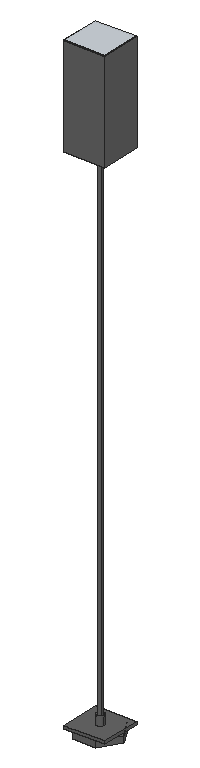
Revit family "LTC-4SQD-CM", category Lighting Fixtures, host Face, Revit 2017
Family settings
  Host = Face
  Round Connector Dimension = Use Diameter
  Part Type = Normal
  OmniClass Number = 23.80.70.11.14.11
  OmniClass Title = Downlights
  Cut with Voids When Loaded = No
  Light Source = Yes
  Shared = No
  Room Calculation Point = No
Parameters (values of type "LTC-4SQD-CM")
  Wattage Comments = "8-25W"
  Wattage = 100 W
  Warranty = "• 5 year warranty\r\n• See HLI Standard Warranty for\r\nadditional information"  # constant formula
  built-in parameter 1150110 = 1 (stored number, unit not read)
  Voltage = 120 V
  built-in parameter 1114217 = 1 (stored number, unit not read)
  Tilt Angle = -90.00°  # constant formula
  built-in parameter 1150109 = 1 (stored number, unit not read)
  built-in parameter 1150134 = 3
  built-in parameter 1150113 = 1 (stored number, unit not read)
  Recessed = yes
  Photometric Web File = "LTC-4SQDPH-P-20L35K8MD-PM-S-BL.ies"
  Features = "•\t4 inch architectural LED downlight cylinder delivering 600 - 1500 lm \r\n•\tFour beam distributions from 0.6 to 1.2 Spacing Criteria\r\n•\tQuiet reflector appearance with 50º optical cutoff \r\n•\tSpectraSync™ Color Tuning technology allows flexibility to tailor CCT to aesthetic preferences \r\n•\tAvailable in Dim To Warm (2200K-3000K) or Tunable White (2700K-5000K or 2700K-6500K), 90 CRI • Available in Surface, Wall, Pendant or Cable/Cord Mount configurations \r\n•\tVersatile canopy options for recessed and surface-mounted J-box applications \r\n•\tStandard with 0-10V dimming to 5%\r\n"  # constant formula
  Emit from Rectangle Width = 5.500"  # constant formula
  Emit from Rectangle Length = 5.500"  # constant formula
  Cord Height = 72.000"
  built-in parameter 1150105 = -5684000 (stored number, unit not read)
  Lumens = 2000 lm
  built-in parameter 1150115 = 1 (stored number, unit not read)
  built-in parameter 1150137 = (empty or 0)
  built-in parameter 1150139 = (empty or 0)
  built-in parameter 1150112 = 1 (stored number, unit not read)
  built-in parameter 1150114 = 1 (stored number, unit not read)
  built-in parameter 1150132 = 2
  built-in parameter 1150102 = (empty or 0)
  built-in parameter 1150107 = 3200 (stored number, unit not read)
  built-in parameter 1150138 = (empty or 0)
  built-in parameter 1150106 = -56840 (stored number, unit not read)
  Emit Shape Visible in Rendering = no
  built-in parameter 1150104 = 1.8581 (stored number, unit not read)
  Dimming Lamp Color Temperature Shift = <None>
  Copyright = "© 2021 Prescolite, a division of Hubbell Lighting, Inc"  # constant formula
  Contact us = "https://www.hubbell.com/prescolite/en/contactUs"
  Color Filter = 16777215
  Certifications = "• cCSAus certified to UL 1598\r\n• Wall Mount: Suitable for wet locations\r\n• Surface & Pendant Mount: Suitable for wet\r\nlocations under covered ceiling\r\n• Cord Mount and all Wall Wash: Suitable for\r\ndamp locations"  # constant formula
  Canopy Width = 5.580"
  Canopy Height = 0.350"
  built-in parameter 1114218 = 1 (stored number, unit not read)
  Ballast = Paint - Hubbell - Carbon Black
  URL = "https://www.hubbell.com/prescolite/en"
  Product Page URL = "https://www.hubbell.com/prescolite/en/Products/Lighting-Controls/Commercial-Indoor-Lighting/Cylinders/LITEISTRY-4-Square-Cylinder-wSpectraSync/p/3775896"
  Product Documentation Link = "https://hubbellcdn.com/specsheet/LTC-4SQD%20SpectraSync.pdf"
  Model = "LTC-4SQD"  # constant formula
  Manufacturer = "Prescolite"  # constant formula
  Lamp = "LED Lamp"
  Reflector = Glass - Hubbell - Glass
  Description = "LITEISTRY™ 4inch Square Cylinder with color tuning"  # constant formula
  Default Elevation = 48.000"
  built-in parameter 1150133 = 10 (stored number, unit not read)
  Apparent Load = 25 VA  # constant formula
Types (3): name | Recessed | Canopy Width | Canopy Height
  (no name) | yes | 5.580" | 0.350"
  LTC-4SQD-CM | yes | 5.580" | 0.350"
  LTC-4SQD-CMCC | no | 5.740" | 3.000"
Reference planes (in)
  plane 1 "Center (Front/Back)": y = 0
  plane 2: z = 0
  plane 3 "Center (Left/Right)": x = 0
  plane 4: z = 72
  plane 5: z = 71.75
  plane 6: x = -1
  plane 7: y = 1
  plane 8: x = 1
  plane 9: y = -1
  plane 10: z = 0.35
  plane 11: x = -2.79
  plane 12: x = 2.79
  plane 13: y = -2.79
  plane 14: y = 2.79
Forms (in)
  Revolve 1, solid, material "Paint - Hubbell - Carbon Black" <- "Ballast"
    sketch origin (0, 0, -5.91673) x (1, 0, 0) y (0, 0, 1)
      loop
        line (-0.5, 5.91673) -> (0, 5.91673) -> (0, 77.91673) -> (-0.38833, 77.91673) -> (-0.38833, 77.66673) -> (-0.25, 77.66673) -> (-0.25, 7.46595) -> (-0.5, 7.46595) -> (-0.5, 5.91673)
      axis (0, 77.91673) -> (0, 5.91673)
    angle from 0 to 360
  Extrusion 2, solid, material "Paint - Hubbell - Carbon Black" <- "Ballast"
    sketch origin (0, 0, 0) x (1, 0, 0) y (0, 1, 0)
      loop
        line (-2.79, 2.79) -> (-2.79, -2.79) -> (2.79, -2.79) -> (2.79, 2.79) -> (-2.79, 2.79)
    from 0 to 0.35
  Extrusion 3, solid, material "Paint - Hubbell - Carbon Black" <- "Ballast", visible <- "Recessed"
    sketch origin (7.83986, -180, 7.93836) x (-1, 0, 0) y (0, -1, 0)
      loop
        line (9.45013, -182.78906) -> (11.0604, -180) -> (9.45013, -177.21094) -> (6.2296, -177.21094) -> (4.61933, -180) -> (6.2296, -182.78906) -> (9.45013, -182.78906)
    from -8.88553 to -7.93836
Cuts and joins
  joined: Revolve 1, Extrusion 2
Dimensions and locks (in)
  "Cord Height": plane 4 to host face
  locked: plane 4 to plane 5 at 0.25
  plane 6 to plane 3 "Center (Left/Right)" to plane 8 = 1.000" locked, 1.000" locked
  plane 7 to plane 1 "Center (Front/Back)" to plane 9 = 1.000" locked, 1.000" locked
  "Canopy Height": plane 10 to level
  nested 1 to plane 4 = 14.000"
  "Canopy Width": plane 12 to plane 11
  equal spacing: plane 12, plane 3 "Center (Left/Right)", plane 11
  equal spacing: plane 14, plane 1 "Center (Front/Back)", plane 13
  "Canopy Width": plane 14 to plane 13
  locked: imposter light to plane 4 at 14
  aligned and locked: plane 2 to host face
  aligned and locked: Revolve 1 sketch curve to plane 4
  aligned and locked: Revolve 1 sketch curve to host face
  aligned and locked: plane 5 to Revolve 1 sketch curve
  aligned and locked: plane 3 "Center (Left/Right)" to nested 1
  aligned and locked: nested 1 to plane 1 "Center (Front/Back)"
  aligned and locked: Extrusion 2 to level
  aligned and locked: plane 10 to Extrusion 2
  aligned and locked: plane 3 "Center (Left/Right)" to imposter light
  aligned and locked: plane 12 to cut or joined group of Revolve 1, Extrusion 2
  aligned and locked: cut or joined group of Revolve 1, Extrusion 2 to plane 11
  aligned and locked: cut or joined group of Revolve 1, Extrusion 2 to plane 14
  aligned and locked: plane 13 to cut or joined group of Revolve 1, Extrusion 2
Automatic sketch dimensions
  host sketch curve to host sketch curve = 96.000"  (x2)
  Revolve 1 sketch curve to plane 3 "Center (Left/Right)" = 0.000"  (x2)
  Revolve 1 sketch curve to plane 3 "Center (Left/Right)" = 0.250"
  Revolve 1 sketch curve to Revolve 1 sketch curve = 0.13833"
  Revolve 1 sketch curve to Revolve 1 sketch curve = 0.500"
  plane 10 to Revolve 1 sketch curve = 1.19922"
  Revolve 1 sketch curve to Revolve 1 sketch curve = 7.74272"
  Revolve 1 sketch curve to level = 13.75728"
  Extrusion 2 sketch curve to plane 6 = 1.790"
  plane 8 to Extrusion 2 sketch curve = 1.790"
  Extrusion 2 sketch curve to plane 9 = 1.790"
  plane 7 to Extrusion 2 sketch curve = 1.790"
  plane 1 "Center (Front/Back)" to Extrusion 3 sketch curve = 0.000"  (x2)
  plane 8 to Extrusion 3 sketch curve = 2.22053"
  plane 8 to Extrusion 3 sketch curve = 0.61027"  (x2)
  Extrusion 3 sketch curve to plane 6 = 0.61027"  (x2)
  Extrusion 3 sketch curve to plane 6 = 2.22053"
  plane 7 to Extrusion 3 sketch curve = 1.78906"
  Extrusion 3 sketch curve to plane 9 = 1.78906"
Nested families (in)
  nested 1: "LTC" at (0, 0, 72) x (0, 1, 0) z (0, 0, 1), Ballast <- "Ballast", Reflector <- "Reflector", type "6"
    with Reflector Glass - Hubbell - Glass, Ballast Paint - Hubbell - Carbon Black
Connectors (in)
  electrical at (0, 0, 0), driven by "Description", driven by "Voltage", driven by "Apparent Load"
    settings: index 1, voltage 120 V, apparent load 25 VA, apparent load phase1 0 VA, apparent load phase2 0 VA, apparent load phase3 0 VA, power factor 1, load classification "Other", number of poles 1, system type 30, power factor state 1, is connector primary yes, connector utility no, sub classification motor no, connector description "LITEISTRY™ 4inch Square Cylinder with color tuning"
Definition of nested family "LTC"
  Parameters
    Width = 5.57813"
    Wattage Comments = ""
    Lamp = ""
    Height = 14.000"
    Ballast [instance] = none
    URL = ""
    Product Page URL = ""
    Product Documentation Link = ""
    Model = ""
    Manufacturer Phone = ""
    Manufacturer Fax = ""
    Manufacturer = "Prescolite"
    Reflector [instance] = none
    Description = ""
    Default Elevation = 48.000"
  Reference planes (in)
    plane 1 "Center (Front/Back)": y = 0
    plane 2: z = 0
    plane 3 "Center (Left/Right)": x = 0
    plane 4: y = 2.78906
    plane 5: y = -2.78906
    plane 6: z = 14
    plane 7: z = 0.125
    plane 8: x = 2.78906
    plane 9: z = 13.875
    plane 10: x = -2.78906
  Forms (in)
    Extrusion 1, solid
      sketch origin (0, 0, 0) x (1, 0, 0) y (0, 1, 0)
        loop
          line (-48, 48) -> (-48, -48) -> (48, -48) -> (48, 48) -> (-48, 48)
      from 0 to -6
    Extrusion 2, solid, material <- "Reflector"
      sketch origin (0, 0, 30.25) x (1, 0, 0) y (0, 1, 0)
        loop
          line (-2.78906, 2.78906) -> (-2.78906, -2.78906) -> (2.78906, -2.78906) -> (2.78906, 2.78906) -> (-2.78906, 2.78906)
      from -16.25 to -16.375
    Extrusion 3, solid, material <- "Ballast"
      sketch origin (0, 0, 0) x (1, 0, 0) y (0, 1, 0)
        loop
          line (-2.78906, 2.78906) -> (-2.78906, -2.78906) -> (2.78906, -2.78906) -> (2.78906, 2.78906) -> (-2.78906, 2.78906)
      from 0 to 13.875
  Dimensions and locks (in)
    equal spacing: plane 4, plane 1 "Center (Front/Back)", plane 5
    "Width": plane 5 to plane 4
    equal spacing: plane 10, plane 3 "Center (Left/Right)", plane 8
    "Width": plane 10 to plane 8
    "Height": plane 6 to Extrusion 1
    locked: plane 6 to plane 9 at 0.125
    aligned and locked: plane 2 to Extrusion 1
    aligned and locked: Extrusion 2 to plane 9
    aligned and locked: plane 9 to Extrusion 3
    aligned and locked: plane 6 to Extrusion 2
  Automatic sketch dimensions
    Extrusion 1 sketch curve to Extrusion 1 sketch curve = 96.000"  (x2)
    Extrusion 3 sketch curve to plane 5 = 0.000"
    Extrusion 3 sketch curve to plane 10 = 0.000"
    Extrusion 3 sketch curve to plane 8 = 0.000"
    plane 4 to Extrusion 3 sketch curve = 0.000"
    Extrusion 2 sketch curve to plane 5 = 0.000"
    Extrusion 2 sketch curve to plane 10 = 0.000"
    Extrusion 2 sketch curve to plane 8 = 0.000"
    plane 4 to Extrusion 2 sketch curve = 0.000"
